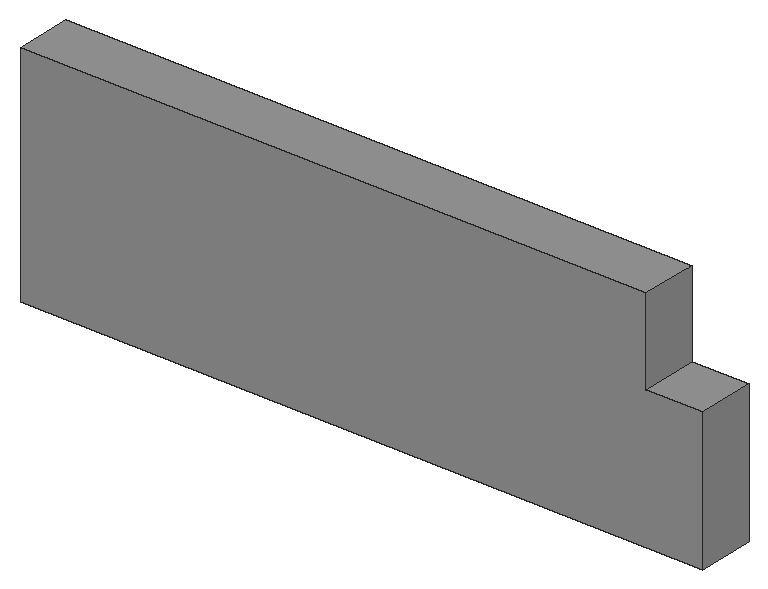
Revit family "Stonepanel_Doré_PiezaDeEncuentro_ESP", category Modelos genéricos, Revit 2017
Family settings
  Anfitrión = Muro
  Puede alojar armadura = No
  Cota de conector redondo = Diámetro de uso
  Tipo de pieza = Normal
  Siempre vertical = Sí
  Corte con vacíos al cargar = No
  Compartido = No
  Punto de cálculo de habitación = No
Parameters (values of type "Stonepanel® Doré 20 cm x 60 cm")
  Ventajas de Stonepanel = "Eficaz: Instalación ágil y sencilla : 10 veces más rápido que la mampostería tradicional (Ritmo medio de colocación de 20 m2/día). Mayor rentabilidad gracias al menor desperdicio de material en obra y a la durabilidad de un producto natural frente a otros revestimientos. La colocación de los paneles no requiere mano de obra ni maquinaria especializada.\r\nSeguro: Un sistema de anclaje patentado, de acero inoxidable, que permite su instalación a más de 2 metros de altura. Base de cemento homogénea y rugosa que garantiza la adhesión y permite el corte sin desprendimiento.\r\nCalidad: Control permanente del proceso de producción desde la oficina I+D+I. Una cuidada selección de piedra natural realizada por los expertos de CUPASTONE. Disponibilidad de piezas especiales para adaptarse perfectamente a cada edificio: esquinas (macizas, rectas, dobles o para ventanas), cubremuros, y otros complementarios.\r\nEstética: Forma de “S” que evita la visión de las juntas para homogenizar el aspecto final. Gran variedad de paneles para elegir entre colores y acabados de piedra natural. La propia belleza y exclusividad de la piedra natural: Cada piedra es\r\núnica."
  Usos Indicados = "Revestimiento de Paredes exteriores e interiores en edificaciones nuevas o rehabilitaciones"
  Uniclass 2015 = "Pr_25_71_14_56 Natural stone panels"
  Uniclass 2 = "Pr_25_71_14_56 Natural stone panels"
  URL = "http://www.cupastone.es/producto/stonepanel-orient/"
  Sistema de anclaje = "Cinta perforada en acero inoxidable:\r\n- Naturaleza del acero: AISI 316 (1.4401) o AISI 304 (1.4301)\r\n- Espesor mínimo (mm) : 0,7\r\n- Ancho (mm) : 12 a 15\r\n- Diámetro del hueco (mm) : 6 ± 1\r\n\r\nTacos:\r\nLa elección de los tacos y clavijas de fijación debe ser realizada teniendo en cuenta la acción en depresión del viento (muros exteriores) y de la resistencia de los tacos en el soporte, en función de la naturaleza del soporte."
  Resistencia al fuego = "A1. No combustible"
  Resistencia = "Buena resistencia"
  Peso = "8,75 kg"
  Oxidación = "No oxida"
  Otros datos de interés del producto = "Dispone de un anclaje para instalar a alturas superiores a 2 metros"
  Omniclass = "23-15 15 15 11"
  NBS Reference = "45-25-45/380 Natural stone panels"
  Modelo = "Stonepanel® Doré"
  Material = "Panel de cuarcita dorada con tonalidades tierra y gris claro que conforman una combinación elegante y luminosa para proyectos tanto modernos como rústicos."
  Limpieza = "En general, los paneles no requieren mantenimiento y son auto- limpiantes, pero la eliminación de algunos tipos de marcas pueden requerir un tratamiento especializado.\r\nEn caso de suciedad anormal, la superficie puede limpiarse con una mezcla / detergente doméstico y agua caliente , aplicada con una almohadilla de limpieza adecuado o una esponja."
  Largo = 600 mm
  Imagen de tipo = <Ninguno>
  Formato = "600 x 200"
  Forma de suministro = "Los paneles se presentan en parejas, en un embalaje plástico ."
  Forma = "Forma de \"s\""
  Fabricante = "Cupastone"
  Ensayos realizados por Avis Technique = "Resistencia mecánica del anclaje, Resistencia mecánica de la cinta de seguridad, Ensayo de durabilidad tras la acción del agua, Ensayo de durabilidad tras la acción del hielo, Ensayo sísmico"
  Durabilidad = "Según el certificado BBA, el sistema tiene una vida de diseño superior a 30 años."
  Detalles constructivos = "Detalles de:\r\n- Instalación con perfil metálico\r\n- Instalación de Stonepanel\r\n- Instalación en muro interior\r\n- Instalación del elemento de seguridad (cinta perforada + tacos)\r\n- Esquinas entrantes\r\n- Esquinas salientes\r\n- Esquinas salientes pre-fabricadas\r\n- Esquinas salientes mediante serrado del panel\r\n- Esquinas salientes sin continuidad de Stonepanel (caso de una fachada lateral)\r\n- Bordes superiores\r\n- Sobre parapeto\r\n- Marco de vano"
  Desfase de altura = 0 mm
  Descripción = "Pieza de piedra natural montada sobre una base de cemento y reforzada con una malla de fibra de vidrio .\r\nPosee sistema de anclaje patentado, de acero inoxidable, que permite su instalación a más de 2 metros de altura"
  Densidad aparente = "79,5 kg/m2"
  Color secundario = "Gris"
  Color principal = "Crema"
  Certificaciones = "Avis Technique - Francia - En proceso"
  Aspecto = "Contemporáneo"
  Ancho = 50 mm
  Alto = 200 mm
  Acabado = "Natural"
  Absorción = "Baja absorción"
Reference planes
  plane 1 "Muro": y = 0
  plane 2 "Centro (Izquierda/Derecha)": x = 125
  plane 3 "Posterior": y = 75
Forms (mm)
  Extrusion 1, solid, material "Stonepanel® SKY Orient"
    sketch origin (0, 160, 1120) x (1, 0, 0) y (0, 0, 1)
      loop
        line (125, -1120) -> (125, -996) -> (75, -996) -> (75, -920) -> (-475, -920) -> (-475, -1120) -> (125, -1120)
    from 35 to 85
Text (mm)
  text "Cara de colocación" at (-1848.837, 1116.779, 0), in view "Nivel de referencia"
  text "Cara de colocación" at (0, 1409.804, 2854.306), in view "Izquierda"
  text "Cara de colocación" at (0, 499.811, 2980.732), in view "Derecha"
Dimensions and locks
  locked: plane 3 "Posterior" to host wall
  locked: Extrusion 1 to plane 3 "Posterior" at 0
  "Ancho": Extrusion 1 to Extrusion 1
  "Largo": Extrusion 1 to Extrusion 1
  locked: Extrusion 1 to Extrusion 1 at 76
  "Desfase de altura": level to Extrusion 1
  locked: Extrusion 1 to Extrusion 1 at 50
  "Alto": Extrusion 1 to Extrusion 1
  aligned and locked: plane 1 "Muro" to host wall
Automatic sketch dimensions
  Extrusion 1 sketch curve to level = 0 mm
  Extrusion 1 sketch curve to plane 2 "Centro (Izquierda/Derecha)" = 0 mm
  Extrusion 1 sketch curve to plane 2 "Centro (Izquierda/Derecha)" = 50 mm
  level to Extrusion 1 sketch curve = 200 mm
  Extrusion 1 sketch curve to Extrusion 1 sketch curve = 550 mm
  level to Extrusion 1 sketch curve = 124 mm
